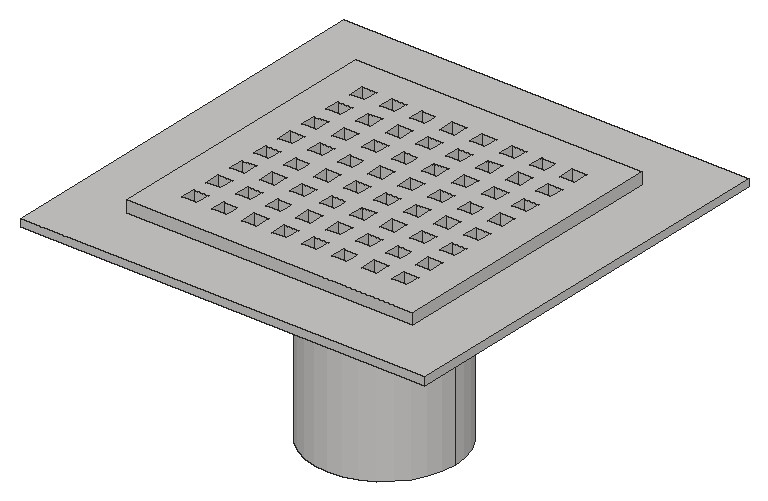
Revit family
Parameters (values of type "9604")
  Width = 6 3/4"
  Waste Connection Radius = 1"
  Waste Connection Diameter = Waste Connection Radius * 2  # 2"
  Waste Connection = yes
  Vent Connection = no
  URL = "www.jrsmith.com"
  Price = "Prices may vary. Please consult Manufacturer Representative for most up-to-date price list."  # constant formula
  Phone Number = "416-250-5656"  # constant formula
  Omniclass Table 23 Title = "Waste Water Drains"  # constant formula
  Omniclass Table 23 Code = "23.70.50.21.24"  # constant formula
  Model = "9604"
  Material = Metal-Jay R Smith-Stainless Steel
  Masterformat Title = "Sanitary Drains"  # constant formula
  Masterformat Number = "22 13 19.13"  # constant formula
  Manufacturer = "Jay R. Smith"
  Length = Width  # 6 3/4"
  Height = 3 3/4"
  HW Connection = no
  Description = "6\" SQ Special Stainless Steel Drain"
  Default Elevation = 0"
  Creation Date = "27/10/2014"  # constant formula
  Created By = "Allied Technical Services"  # constant formula
  CW Connection = no
  Assembly Code = "D2030300"
  ATS URL = "http://www.atsspec.net"
Reference planes (in)
  plane 1 "Center (Front/Back)": y = 0
  plane 2: z = 0
  plane 3 "Center (Left/Right)": x = 0
  plane 4: x = -3.375
  plane 5: x = 3.375
  plane 6: x = -1
  plane 7: x = 1
  plane 8: z = 3.75
  plane 9: z = 3
  plane 10: x = -2.375
  plane 11: x = 2.375
  plane 12: z = 3.5625
Forms (in)
  Extrusion 1, solid, material "Metal-Jay R Smith-Stainless Steel" <- "Material"
    sketch origin (0, 0, 0) x (1, 0, 0) y (0, 1, 0)
      loop
        line (-3.375, 3.375) -> (-3.375, -3.375) -> (3.375, -3.375) -> (3.375, 3.375) -> (-3.375, 3.375)
      loop
        circle (0, 0) r 2.375
    from 3.4375 to 3.5625
  Extrusion 2, solid, material "Metal-Jay R Smith-Stainless Steel" <- "Material"
    sketch origin (0, 0, 0) x (1, 0, 0) y (0, 1, 0)
      loop
        line (-2.39063, 2.39062) -> (-2.39063, -2.39062) -> (2.39062, -2.39062) -> (2.39062, 2.39062) -> (-2.39063, 2.39062)
      loop
        line (-1.875, 1.625) -> (-1.625, 1.625) -> (-1.625, 1.875) -> (-1.875, 1.875) -> (-1.875, 1.625)
      loop
        line (-1.375, 1.625) -> (-1.125, 1.625) -> (-1.125, 1.875) -> (-1.375, 1.875) -> (-1.375, 1.625)
      loop
        line (-0.875, 1.625) -> (-0.625, 1.625) -> (-0.625, 1.875) -> (-0.875, 1.875) -> (-0.875, 1.625)
      loop
        line (-0.375, 1.625) -> (-0.125, 1.625) -> (-0.125, 1.875) -> (-0.375, 1.875) -> (-0.375, 1.625)
      loop
        line (0.125, 1.625) -> (0.375, 1.625) -> (0.375, 1.875) -> (0.125, 1.875) -> (0.125, 1.625)
      loop
        line (0.625, 1.625) -> (0.875, 1.625) -> (0.875, 1.875) -> (0.625, 1.875) -> (0.625, 1.625)
      loop
        line (1.125, 1.625) -> (1.375, 1.625) -> (1.375, 1.875) -> (1.125, 1.875) -> (1.125, 1.625)
      loop
        line (1.625, 1.625) -> (1.875, 1.625) -> (1.875, 1.875) -> (1.625, 1.875) -> (1.625, 1.625)
      loop
        line (-1.875, 1.125) -> (-1.625, 1.125) -> (-1.625, 1.375) -> (-1.875, 1.375) -> (-1.875, 1.125)
      loop
        line (-1.375, 1.125) -> (-1.125, 1.125) -> (-1.125, 1.375) -> (-1.375, 1.375) -> (-1.375, 1.125)
      loop
        line (-0.875, 1.125) -> (-0.625, 1.125) -> (-0.625, 1.375) -> (-0.875, 1.375) -> (-0.875, 1.125)
      loop
        line (-0.375, 1.125) -> (-0.125, 1.125) -> (-0.125, 1.375) -> (-0.375, 1.375) -> (-0.375, 1.125)
      loop
        line (0.125, 1.125) -> (0.375, 1.125) -> (0.375, 1.375) -> (0.125, 1.375) -> (0.125, 1.125)
      loop
        line (0.625, 1.125) -> (0.875, 1.125) -> (0.875, 1.375) -> (0.625, 1.375) -> (0.625, 1.125)
      loop
        line (1.125, 1.125) -> (1.375, 1.125) -> (1.375, 1.375) -> (1.125, 1.375) -> (1.125, 1.125)
      loop
        line (1.625, 1.125) -> (1.875, 1.125) -> (1.875, 1.375) -> (1.625, 1.375) -> (1.625, 1.125)
      loop
        line (-1.875, 0.625) -> (-1.625, 0.625) -> (-1.625, 0.875) -> (-1.875, 0.875) -> (-1.875, 0.625)
      loop
        line (-1.375, 0.625) -> (-1.125, 0.625) -> (-1.125, 0.875) -> (-1.375, 0.875) -> (-1.375, 0.625)
      loop
        line (-0.875, 0.625) -> (-0.625, 0.625) -> (-0.625, 0.875) -> (-0.875, 0.875) -> (-0.875, 0.625)
      loop
        line (-0.375, 0.625) -> (-0.125, 0.625) -> (-0.125, 0.875) -> (-0.375, 0.875) -> (-0.375, 0.625)
      loop
        line (0.125, 0.625) -> (0.375, 0.625) -> (0.375, 0.875) -> (0.125, 0.875) -> (0.125, 0.625)
      loop
        line (0.625, 0.625) -> (0.875, 0.625) -> (0.875, 0.875) -> (0.625, 0.875) -> (0.625, 0.625)
      loop
        line (1.125, 0.625) -> (1.375, 0.625) -> (1.375, 0.875) -> (1.125, 0.875) -> (1.125, 0.625)
      loop
        line (1.625, 0.625) -> (1.875, 0.625) -> (1.875, 0.875) -> (1.625, 0.875) -> (1.625, 0.625)
      loop
        line (-1.875, 0.125) -> (-1.625, 0.125) -> (-1.625, 0.375) -> (-1.875, 0.375) -> (-1.875, 0.125)
      loop
        line (-1.375, 0.125) -> (-1.125, 0.125) -> (-1.125, 0.375) -> (-1.375, 0.375) -> (-1.375, 0.125)
      loop
        line (-0.875, 0.125) -> (-0.625, 0.125) -> (-0.625, 0.375) -> (-0.875, 0.375) -> (-0.875, 0.125)
      loop
        line (-0.375, 0.125) -> (-0.125, 0.125) -> (-0.125, 0.375) -> (-0.375, 0.375) -> (-0.375, 0.125)
      loop
        line (0.125, 0.125) -> (0.375, 0.125) -> (0.375, 0.375) -> (0.125, 0.375) -> (0.125, 0.125)
      loop
        line (0.625, 0.125) -> (0.875, 0.125) -> (0.875, 0.375) -> (0.625, 0.375) -> (0.625, 0.125)
      loop
        line (1.125, 0.125) -> (1.375, 0.125) -> (1.375, 0.375) -> (1.125, 0.375) -> (1.125, 0.125)
      loop
        line (1.625, 0.125) -> (1.875, 0.125) -> (1.875, 0.375) -> (1.625, 0.375) -> (1.625, 0.125)
      loop
        line (-1.875, -0.375) -> (-1.625, -0.375) -> (-1.625, -0.125) -> (-1.875, -0.125) -> (-1.875, -0.375)
      loop
        line (-1.375, -0.375) -> (-1.125, -0.375) -> (-1.125, -0.125) -> (-1.375, -0.125) -> (-1.375, -0.375)
      loop
        line (-0.875, -0.375) -> (-0.625, -0.375) -> (-0.625, -0.125) -> (-0.875, -0.125) -> (-0.875, -0.375)
      loop
        line (-0.375, -0.375) -> (-0.125, -0.375) -> (-0.125, -0.125) -> (-0.375, -0.125) -> (-0.375, -0.375)
      loop
        line (0.125, -0.375) -> (0.375, -0.375) -> (0.375, -0.125) -> (0.125, -0.125) -> (0.125, -0.375)
      loop
        line (0.625, -0.375) -> (0.875, -0.375) -> (0.875, -0.125) -> (0.625, -0.125) -> (0.625, -0.375)
      loop
        line (1.125, -0.375) -> (1.375, -0.375) -> (1.375, -0.125) -> (1.125, -0.125) -> (1.125, -0.375)
      loop
        line (1.625, -0.375) -> (1.875, -0.375) -> (1.875, -0.125) -> (1.625, -0.125) -> (1.625, -0.375)
      loop
        line (-1.875, -0.875) -> (-1.625, -0.875) -> (-1.625, -0.625) -> (-1.875, -0.625) -> (-1.875, -0.875)
      loop
        line (-1.375, -0.875) -> (-1.125, -0.875) -> (-1.125, -0.625) -> (-1.375, -0.625) -> (-1.375, -0.875)
      loop
        line (-0.875, -0.875) -> (-0.625, -0.875) -> (-0.625, -0.625) -> (-0.875, -0.625) -> (-0.875, -0.875)
      loop
        line (-0.375, -0.875) -> (-0.125, -0.875) -> (-0.125, -0.625) -> (-0.375, -0.625) -> (-0.375, -0.875)
      loop
        line (0.125, -0.875) -> (0.375, -0.875) -> (0.375, -0.625) -> (0.125, -0.625) -> (0.125, -0.875)
      loop
        line (0.625, -0.875) -> (0.875, -0.875) -> (0.875, -0.625) -> (0.625, -0.625) -> (0.625, -0.875)
      loop
        line (1.125, -0.875) -> (1.375, -0.875) -> (1.375, -0.625) -> (1.125, -0.625) -> (1.125, -0.875)
      loop
        line (1.625, -0.875) -> (1.875, -0.875) -> (1.875, -0.625) -> (1.625, -0.625) -> (1.625, -0.875)
      loop
        line (-1.875, -1.375) -> (-1.625, -1.375) -> (-1.625, -1.125) -> (-1.875, -1.125) -> (-1.875, -1.375)
      loop
        line (-1.375, -1.375) -> (-1.125, -1.375) -> (-1.125, -1.125) -> (-1.375, -1.125) -> (-1.375, -1.375)
      loop
        line (-0.875, -1.375) -> (-0.625, -1.375) -> (-0.625, -1.125) -> (-0.875, -1.125) -> (-0.875, -1.375)
      loop
        line (-0.375, -1.375) -> (-0.125, -1.375) -> (-0.125, -1.125) -> (-0.375, -1.125) -> (-0.375, -1.375)
      loop
        line (0.125, -1.375) -> (0.375, -1.375) -> (0.375, -1.125) -> (0.125, -1.125) -> (0.125, -1.375)
      loop
        line (0.625, -1.375) -> (0.875, -1.375) -> (0.875, -1.125) -> (0.625, -1.125) -> (0.625, -1.375)
      loop
        line (1.125, -1.375) -> (1.375, -1.375) -> (1.375, -1.125) -> (1.125, -1.125) -> (1.125, -1.375)
      loop
        line (1.625, -1.375) -> (1.875, -1.375) -> (1.875, -1.125) -> (1.625, -1.125) -> (1.625, -1.375)
      loop
        line (-1.875, -1.875) -> (-1.625, -1.875) -> (-1.625, -1.625) -> (-1.875, -1.625) -> (-1.875, -1.875)
      loop
        line (-1.375, -1.875) -> (-1.125, -1.875) -> (-1.125, -1.625) -> (-1.375, -1.625) -> (-1.375, -1.875)
      loop
        line (-0.875, -1.875) -> (-0.625, -1.875) -> (-0.625, -1.625) -> (-0.875, -1.625) -> (-0.875, -1.875)
      loop
        line (-0.375, -1.875) -> (-0.125, -1.875) -> (-0.125, -1.625) -> (-0.375, -1.625) -> (-0.375, -1.875)
      loop
        line (0.125, -1.875) -> (0.375, -1.875) -> (0.375, -1.625) -> (0.125, -1.625) -> (0.125, -1.875)
      loop
        line (0.625, -1.875) -> (0.875, -1.875) -> (0.875, -1.625) -> (0.625, -1.625) -> (0.625, -1.875)
      loop
        line (1.125, -1.875) -> (1.375, -1.875) -> (1.375, -1.625) -> (1.125, -1.625) -> (1.125, -1.875)
      loop
        line (1.625, -1.875) -> (1.875, -1.875) -> (1.875, -1.625) -> (1.625, -1.625) -> (1.625, -1.875)
    from 3.5625 to 3.75
  Extrusion 3, solid, material "Metal-Jay R Smith-Stainless Steel" <- "Material"
    sketch origin (0, 0, 0) x (1, 0, 0) y (0, 1, 0)
      loop
        line (-2.375, 2.375) -> (-2.375, -2.375) -> (2.375, -2.375) -> (2.375, 2.375) -> (-2.375, 2.375)
      loop
        circle (0, 0) r 1
    from 3 to 3.4375
  Extrusion 4, solid, material "Metal-Jay R Smith-Stainless Steel" <- "Material"
    sketch origin (0, 0, 0) x (1, 0, 0) y (0, 1, 0)
      loop
        circle (0, 0) r 1
      loop
        circle (0, 0) r 1.1875
    from 0 to 3
Cuts and joins
  joined: Extrusion 1, Extrusion 3, Extrusion 4
Dimensions and locks (in)
  "Waste Connection Diameter": plane 7 to plane 6
  "Width": plane 5 to plane 4
  equal spacing: plane 7, plane 3 "Center (Left/Right)", plane 6
  plane 8 to level = 3 3/4"
  plane 8 to plane 9 = 3/4"
  plane 10 to plane 11 = 4 3/4"
  plane 8 to plane 12 = 3/16"
Automatic sketch dimensions
  plane 10 to Extrusion 2 sketch curve = 1/64"
  Extrusion 2 sketch curve to plane 1 "Center (Front/Back)" = 1/8"  (x8)
  Extrusion 2 sketch curve to plane 10 = 1/2"  (x7)
  Extrusion 2 sketch curve to Extrusion 2 sketch curve = 0"  (x92)
  plane 1 "Center (Front/Back)" to Extrusion 2 sketch curve = 1/8"  (x8)
  Extrusion 2 sketch curve to Extrusion 2 sketch curve = 1/4"  (x93)
  Extrusion 2 sketch curve to plane 6 = 1/8"  (x8)
  plane 6 to Extrusion 2 sketch curve = 1/8"  (x8)
  Extrusion 2 sketch curve to plane 3 "Center (Left/Right)" = 1/8"  (x8)
  plane 3 "Center (Left/Right)" to Extrusion 2 sketch curve = 1/8"  (x8)
  plane 7 to Extrusion 2 sketch curve = 1/8"  (x8)
  Extrusion 2 sketch curve to plane 7 = 1/8"  (x8)
  plane 11 to Extrusion 2 sketch curve = 1/64"
  Extrusion 2 sketch curve to Extrusion 2 sketch curve = 33/64"  (x2)
  Extrusion 1 sketch curve to plane 4 = 0"
  plane 1 "Center (Front/Back)" to Extrusion 1 sketch curve = 0"
  Extrusion 1 sketch curve to plane 3 "Center (Left/Right)" = 0"
  Extrusion 1 sketch curve to plane 5 = 0"
  plane 1 "Center (Front/Back)" to Extrusion 1 sketch curve = 3 3/8"
  Extrusion 1 sketch curve to plane 1 "Center (Front/Back)" = 3 3/8"
  Extrusion 3 sketch curve to plane 10 = 0"
  plane 1 "Center (Front/Back)" to Extrusion 3 sketch curve = 0"
  Extrusion 3 sketch curve to plane 3 "Center (Left/Right)" = 0"
  Extrusion 3 sketch curve to plane 11 = 0"
  plane 1 "Center (Front/Back)" to Extrusion 3 sketch curve = 2 3/8"
  Extrusion 3 sketch curve to plane 1 "Center (Front/Back)" = 2 3/8"
  Extrusion 4 sketch curve to Extrusion 4 sketch curve = 0"  (x2)
  plane 1 "Center (Front/Back)" to Extrusion 4 sketch curve = 0"
  Extrusion 4 sketch curve to plane 3 "Center (Left/Right)" = 0"
  radius of Extrusion 1 sketch curve = 2 3/8"
  radius of Extrusion 3 sketch curve = 1"
  radius of Extrusion 4 sketch curve = 1"
  radius of Extrusion 4 sketch curve = 1 3/16"
Connectors (in)
  piping at (0, 0, 0), driven by "Waste Connection Radius"
    settings: on Extrusion 4, index 1
